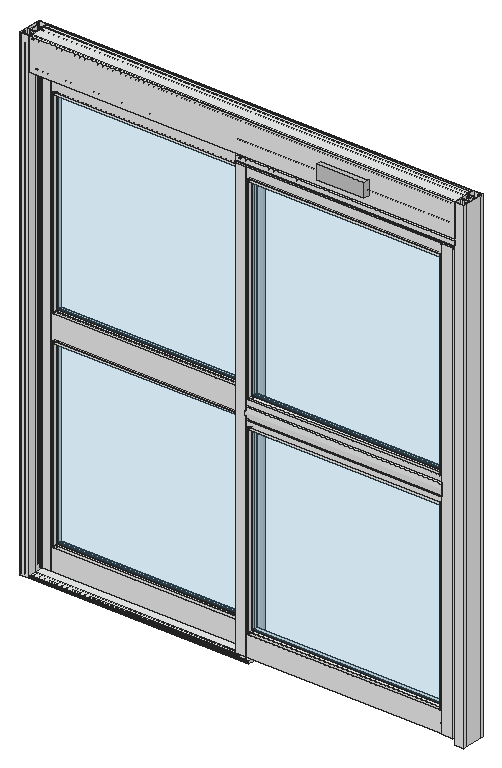
Revit family "2-6-3_Sliding-Door_TX9300SL_Single-RH-Inside-Slide-SX-SO-w-Elec-Lock-Flush-Mnt-Exit-Panic-HDW_Tormax", category Doors, host Wall, Revit 2026 (continued)
Definition of nested family "Door-Sliding-Tormax-Panel-Exit_Panic-SX_2.6"
  Forms (in)
    Sweep 4, solid, material <- "Frame Material"
      profile origin (0, 0, 22.125) x (-1, 0, 0) y (0, -1, 0)
        loop
          line (-18.59375, -0.87481) -> (-18.09395, -0.87481) -> (-18.09395, -0.20955) -> (-18.05909, -0.20955) -> (-17.99796, -0.09459) -> (-18.01995, -0.07259) -> (-18.09186, -0.12483) -> (-18.30168, -0.12483) -> (-18.30168, -0.20955) -> (-18.4693, -0.20955) -> (-18.4693, -0.13997) -> (-18.55595, -0.13997) -> (-18.55595, 0.13997) -> (-18.4693, 0.13997) -> (-18.4693, 0.20955) -> (-18.30168, 0.20955) -> (-18.30168, 0.12483) -> (-18.09186, 0.12483) -> (-18.01995, 0.07259) -> (-17.99796, 0.09459) -> (-18.05909, 0.20955) -> (-18.09395, 0.20955) -> (-18.09395, 0.87481) -> (-18.59375, 0.87481) -> (-18.59375, 0.66561) -> (-18.69347, 0.66561) -> (-18.69347, 0.76483) -> (-18.74347, 0.76483) -> (-18.74347, 0.6157) -> (-18.63748, 0.6157) -> (-18.51344, 0.49166) -> (-18.51344, 0.32983)
          arc (-18.51344, 0.32983) -> (-18.57886, 0.30274) -> (-18.60595, 0.23732) r 0.09251
          line (-18.60595, 0.23732) -> (-18.60595, 0.1901) -> (-18.74975, 0.1901) -> (-18.74975, 0.13997) -> (-18.60595, 0.13997) -> (-18.60595, -0.13997) -> (-18.74975, -0.13997) -> (-18.74975, -0.1901) -> (-18.61896, -0.1901) -> (-18.61896, -0.25955) -> (-18.40109, -0.25955) -> (-18.40109, -0.4032) -> (-18.14361, -0.4032) -> (-18.14361, -0.8251) -> (-18.54358, -0.8251) -> (-18.54358, -0.65698) -> (-18.65806, -0.65698) -> (-18.65806, -0.70698) -> (-18.59375, -0.70698) -> (-18.59375, -0.87481)
        loop
          line (-18.49369, 0.8251) -> (-18.49369, 0.74143) -> (-18.55985, 0.74143) -> (-18.55985, 0.67847) -> (-18.46344, 0.58206) -> (-18.46344, 0.25099) -> (-18.40109, 0.25099) -> (-18.40109, 0.4032) -> (-18.14361, 0.4032) -> (-18.14361, 0.8251) -> (-18.49369, 0.8251)
        loop
          line (18.59375, -0.87481) -> (18.59375, -0.70698) -> (18.65806, -0.70698) -> (18.65806, -0.65698) -> (18.54358, -0.65698) -> (18.54358, -0.8251) -> (18.14361, -0.8251) -> (18.14361, -0.4032) -> (18.40109, -0.4032) -> (18.40109, -0.25955) -> (18.61896, -0.25955) -> (18.61896, -0.1901) -> (18.74975, -0.1901) -> (18.74975, -0.13997) -> (18.60595, -0.13997) -> (18.60595, 0.13997) -> (18.74975, 0.13997) -> (18.74975, 0.1901) -> (18.60595, 0.1901) -> (18.60595, 0.23732)
          arc (18.60595, 0.23732) -> (18.57886, 0.30274) -> (18.51344, 0.32983) r 0.09251
          line (18.51344, 0.32983) -> (18.51344, 0.49166) -> (18.63748, 0.6157) -> (18.74347, 0.6157) -> (18.74347, 0.76483) -> (18.69347, 0.76483) -> (18.69347, 0.66561) -> (18.59375, 0.66561) -> (18.59375, 0.87481) -> (18.09395, 0.87481) -> (18.09395, 0.20955) -> (18.05909, 0.20955) -> (17.99796, 0.09459) -> (18.01995, 0.07259) -> (18.09186, 0.12483) -> (18.30168, 0.12483) -> (18.30168, 0.20955) -> (18.4693, 0.20955) -> (18.4693, 0.13997) -> (18.55595, 0.13997) -> (18.55595, -0.13997) -> (18.4693, -0.13997) -> (18.4693, -0.20955) -> (18.30168, -0.20955) -> (18.30168, -0.12483) -> (18.09186, -0.12483) -> (18.01995, -0.07259) -> (17.99796, -0.09459) -> (18.05909, -0.20955) -> (18.09395, -0.20955) -> (18.09395, -0.87481) -> (18.59375, -0.87481)
        loop
          line (18.49369, 0.8251) -> (18.14361, 0.8251) -> (18.14361, 0.4032) -> (18.40109, 0.4032) -> (18.40109, 0.25099) -> (18.46344, 0.25099) -> (18.46344, 0.58206) -> (18.55985, 0.67847) -> (18.55985, 0.74143) -> (18.49369, 0.74143) -> (18.49369, 0.8251)
    Extrusion 5, solid, material <- "Glass"
      sketch origin (0, 0, 0) x (1, 0, 0) y (0, 1, 0)
        loop
          line (-18.30168, 0.12483) -> (-18.30168, -0.12517) -> (18.30168, -0.12517) -> (18.30168, 0.12483) -> (-18.30168, 0.12483)
      from 4.60457 to 39.45793
    Sweep 6, solid, material <- "Frame Material"
      path origin (0, 0, 0) x (1, 0, 0) y (0, 0, 1)
        loop
          line (-18.09395, 42.75) -> (18.09395, 42.75)
      profile origin (0, 0, 42.75) x (0, 0, 1) y (0, -1, 0)
        loop
          line (-38.25, -0.87481) -> (-37.7502, -0.87481) -> (-37.7502, -0.20955) -> (-37.71534, -0.20955) -> (-37.65421, -0.09459) -> (-37.6762, -0.07259) -> (-37.74811, -0.12483) -> (-37.95793, -0.12483) -> (-37.95793, -0.20955) -> (-38.12555, -0.20955) -> (-38.12555, -0.13997) -> (-38.2122, -0.13997) -> (-38.2122, 0.13997) -> (-38.12555, 0.13997) -> (-38.12555, 0.20955) -> (-37.95793, 0.20955) -> (-37.95793, 0.12483) -> (-37.74811, 0.12483) -> (-37.6762, 0.07259) -> (-37.65421, 0.09459) -> (-37.71534, 0.20955) -> (-37.7502, 0.20955) -> (-37.7502, 0.87481) -> (-38.25, 0.87481) -> (-38.25, 0.66561) -> (-38.34972, 0.66561) -> (-38.34972, 0.76483) -> (-38.39972, 0.76483) -> (-38.39972, 0.6157) -> (-38.29373, 0.6157) -> (-38.16969, 0.49166) -> (-38.16969, 0.32983)
          arc (-38.16969, 0.32983) -> (-38.23511, 0.30274) -> (-38.2622, 0.23732) r 0.09251
          line (-38.2622, 0.23732) -> (-38.2622, 0.1901) -> (-38.406, 0.1901) -> (-38.406, 0.13997) -> (-38.2622, 0.13997) -> (-38.2622, -0.13997) -> (-38.406, -0.13997) -> (-38.406, -0.1901) -> (-38.27521, -0.1901) -> (-38.27521, -0.25955) -> (-38.05734, -0.25955) -> (-38.05734, -0.4032) -> (-37.79986, -0.4032) -> (-37.79986, -0.8251) -> (-38.19983, -0.8251) -> (-38.19983, -0.65698) -> (-38.31431, -0.65698) -> (-38.31431, -0.70698) -> (-38.25, -0.70698) -> (-38.25, -0.87481)
        loop
          line (-38.14994, 0.8251) -> (-38.14994, 0.74143) -> (-38.2161, 0.74143) -> (-38.2161, 0.67847) -> (-38.11969, 0.58206) -> (-38.11969, 0.25099) -> (-38.05734, 0.25099) -> (-38.05734, 0.4032) -> (-37.79986, 0.4032) -> (-37.79986, 0.8251) -> (-38.14994, 0.8251)
        loop
          line (-3, -0.87481) -> (-3, -0.70698) -> (-2.93569, -0.70698) -> (-2.93569, -0.65698) -> (-3.05017, -0.65698) -> (-3.05017, -0.8251) -> (-3.45014, -0.8251) -> (-3.45014, -0.4032) -> (-3.19266, -0.4032) -> (-3.19266, -0.25955) -> (-2.97479, -0.25955) -> (-2.97479, -0.1901) -> (-2.844, -0.1901) -> (-2.844, -0.13997) -> (-2.9878, -0.13997) -> (-2.9878, 0.13997) -> (-2.844, 0.13997) -> (-2.844, 0.1901) -> (-2.9878, 0.1901) -> (-2.9878, 0.23732)
          arc (-2.9878, 0.23732) -> (-3.01489, 0.30274) -> (-3.08031, 0.32983) r 0.09251
          line (-3.08031, 0.32983) -> (-3.08031, 0.49166) -> (-2.95627, 0.6157) -> (-2.85028, 0.6157) -> (-2.85028, 0.76483) -> (-2.90028, 0.76483) -> (-2.90028, 0.66561) -> (-3, 0.66561) -> (-3, 0.87481) -> (-3.4998, 0.87481) -> (-3.4998, 0.20955) -> (-3.53466, 0.20955) -> (-3.59579, 0.09459) -> (-3.5738, 0.07259) -> (-3.50189, 0.12483) -> (-3.29207, 0.12483) -> (-3.29207, 0.20955) -> (-3.12445, 0.20955) -> (-3.12445, 0.13997) -> (-3.0378, 0.13997) -> (-3.0378, -0.13997) -> (-3.12445, -0.13997) -> (-3.12445, -0.20955) -> (-3.29207, -0.20955) -> (-3.29207, -0.12483) -> (-3.50189, -0.12483) -> (-3.5738, -0.07259) -> (-3.59579, -0.09459) -> (-3.53466, -0.20955) -> (-3.4998, -0.20955) -> (-3.4998, -0.87481) -> (-3, -0.87481)
        loop
          line (-3.10006, 0.8251) -> (-3.45014, 0.8251) -> (-3.45014, 0.4032) -> (-3.19266, 0.4032) -> (-3.19266, 0.25099) -> (-3.13031, 0.25099) -> (-3.13031, 0.58206) -> (-3.0339, 0.67847) -> (-3.0339, 0.74143) -> (-3.10006, 0.74143) -> (-3.10006, 0.8251)
        loop
          line (1.5, -0.87481) -> (1.9998, -0.87481) -> (1.9998, -0.20955) -> (2.03466, -0.20955) -> (2.09579, -0.09459) -> (2.0738, -0.07259) -> (2.00189, -0.12483) -> (1.79207, -0.12483) -> (1.79207, -0.20955) -> (1.62445, -0.20955) -> (1.62445, -0.13997) -> (1.5378, -0.13997) -> (1.5378, 0.13997) -> (1.62445, 0.13997) -> (1.62445, 0.20955) -> (1.79207, 0.20955) -> (1.79207, 0.12483) -> (2.00189, 0.12483) -> (2.0738, 0.07259) -> (2.09579, 0.09459) -> (2.03466, 0.20955) -> (1.9998, 0.20955) -> (1.9998, 0.87481) -> (1.5, 0.87481) -> (1.5, 0.66561) -> (1.40028, 0.66561) -> (1.40028, 0.76483) -> (1.35028, 0.76483) -> (1.35028, 0.6157) -> (1.45627, 0.6157) -> (1.58031, 0.49166) -> (1.58031, 0.32983)
          arc (1.58031, 0.32983) -> (1.51489, 0.30274) -> (1.4878, 0.23732) r 0.09251
          line (1.4878, 0.23732) -> (1.4878, 0.1901) -> (1.344, 0.1901) -> (1.344, 0.13997) -> (1.4878, 0.13997) -> (1.4878, -0.13997) -> (1.344, -0.13997) -> (1.344, -0.1901) -> (1.47479, -0.1901) -> (1.47479, -0.25955) -> (1.69266, -0.25955) -> (1.69266, -0.4032) -> (1.95014, -0.4032) -> (1.95014, -0.8251) -> (1.55017, -0.8251) -> (1.55017, -0.65698) -> (1.43569, -0.65698) -> (1.43569, -0.70698) -> (1.5, -0.70698) -> (1.5, -0.87481)
        loop
          line (1.60006, 0.8251) -> (1.60006, 0.74143) -> (1.5339, 0.74143) -> (1.5339, 0.67847) -> (1.63031, 0.58206) -> (1.63031, 0.25099) -> (1.69266, 0.25099) -> (1.69266, 0.4032) -> (1.95014, 0.4032) -> (1.95014, 0.8251) -> (1.60006, 0.8251)
        loop
          line (39.12499, -0.87481) -> (39.12499, -0.70698) -> (39.18929, -0.70698) -> (39.18929, -0.65698) -> (39.07481, -0.65698) -> (39.07481, -0.8251) -> (38.67485, -0.8251) -> (38.67485, -0.4032) -> (38.93233, -0.4032) -> (38.93233, -0.25955) -> (39.1502, -0.25955) -> (39.1502, -0.1901) -> (39.28099, -0.1901) -> (39.28099, -0.13997) -> (39.13719, -0.13997) -> (39.13719, 0.13997) -> (39.28099, 0.13997) -> (39.28099, 0.1901) -> (39.13719, 0.1901) -> (39.13719, 0.23732)
          arc (39.13719, 0.23732) -> (39.11009, 0.30274) -> (39.04468, 0.32983) r 0.09251
          line (39.04468, 0.32983) -> (39.04468, 0.49166) -> (39.16871, 0.6157) -> (39.2747, 0.6157) -> (39.2747, 0.76483) -> (39.2247, 0.76483) -> (39.2247, 0.66561) -> (39.12499, 0.66561) -> (39.12499, 0.87481) -> (38.62519, 0.87481) -> (38.62519, 0.20955) -> (38.59032, 0.20955) -> (38.5292, 0.09459) -> (38.55119, 0.07259) -> (38.6231, 0.12483) -> (38.83291, 0.12483) -> (38.83291, 0.20955) -> (39.00054, 0.20955) -> (39.00054, 0.13997) -> (39.08719, 0.13997) -> (39.08719, -0.13997) -> (39.00054, -0.13997) -> (39.00054, -0.20955) -> (38.83291, -0.20955) -> (38.83291, -0.12483) -> (38.6231, -0.12483) -> (38.55119, -0.07259) -> (38.5292, -0.09459) -> (38.59032, -0.20955) -> (38.62519, -0.20955) -> (38.62519, -0.87481) -> (39.12499, -0.87481)
        loop
          line (39.02493, 0.8251) -> (38.67485, 0.8251) -> (38.67485, 0.4032) -> (38.93233, 0.4032) -> (38.93233, 0.25099) -> (38.99468, 0.25099) -> (38.99468, 0.58206) -> (39.09109, 0.67847) -> (39.09109, 0.74143) -> (39.02493, 0.74143) -> (39.02493, 0.8251)
    Sweep 7, solid, material <- "Frame Material"
      path origin (0, 0, 0) x (1, 0, 0) y (0, 0, 1)
        loop
          line (0, 44.25) -> (0, 81.87499)
      profile origin (0, 0, 63.06249) x (-1, 0, 0) y (0, -1, 0)
        loop
          line (-18.59375, -0.87481) -> (-18.09395, -0.87481) -> (-18.09395, -0.20955) -> (-18.05909, -0.20955) -> (-17.99796, -0.09459) -> (-18.01995, -0.07259) -> (-18.09186, -0.12483) -> (-18.30168, -0.12483) -> (-18.30168, -0.20955) -> (-18.4693, -0.20955) -> (-18.4693, -0.13997) -> (-18.55595, -0.13997) -> (-18.55595, 0.13997) -> (-18.4693, 0.13997) -> (-18.4693, 0.20955) -> (-18.30168, 0.20955) -> (-18.30168, 0.12483) -> (-18.09186, 0.12483) -> (-18.01995, 0.07259) -> (-17.99796, 0.09459) -> (-18.05909, 0.20955) -> (-18.09395, 0.20955) -> (-18.09395, 0.87481) -> (-18.59375, 0.87481) -> (-18.59375, 0.66561) -> (-18.69347, 0.66561) -> (-18.69347, 0.76483) -> (-18.74347, 0.76483) -> (-18.74347, 0.6157) -> (-18.63748, 0.6157) -> (-18.51344, 0.49166) -> (-18.51344, 0.32983)
          arc (-18.51344, 0.32983) -> (-18.57886, 0.30274) -> (-18.60595, 0.23732) r 0.09251
          line (-18.60595, 0.23732) -> (-18.60595, 0.1901) -> (-18.74975, 0.1901) -> (-18.74975, 0.13997) -> (-18.60595, 0.13997) -> (-18.60595, -0.13997) -> (-18.74975, -0.13997) -> (-18.74975, -0.1901) -> (-18.61896, -0.1901) -> (-18.61896, -0.25955) -> (-18.40109, -0.25955) -> (-18.40109, -0.4032) -> (-18.14361, -0.4032) -> (-18.14361, -0.8251) -> (-18.54358, -0.8251) -> (-18.54358, -0.65698) -> (-18.65806, -0.65698) -> (-18.65806, -0.70698) -> (-18.59375, -0.70698) -> (-18.59375, -0.87481)
        loop
          line (-18.49369, 0.8251) -> (-18.49369, 0.74143) -> (-18.55985, 0.74143) -> (-18.55985, 0.67847) -> (-18.46344, 0.58206) -> (-18.46344, 0.25099) -> (-18.40109, 0.25099) -> (-18.40109, 0.4032) -> (-18.14361, 0.4032) -> (-18.14361, 0.8251) -> (-18.49369, 0.8251)
        loop
          line (18.59375, -0.87481) -> (18.59375, -0.70698) -> (18.65806, -0.70698) -> (18.65806, -0.65698) -> (18.54358, -0.65698) -> (18.54358, -0.8251) -> (18.14361, -0.8251) -> (18.14361, -0.4032) -> (18.40109, -0.4032) -> (18.40109, -0.25955) -> (18.61896, -0.25955) -> (18.61896, -0.1901) -> (18.74975, -0.1901) -> (18.74975, -0.13997) -> (18.60595, -0.13997) -> (18.60595, 0.13997) -> (18.74975, 0.13997) -> (18.74975, 0.1901) -> (18.60595, 0.1901) -> (18.60595, 0.23732)
          arc (18.60595, 0.23732) -> (18.57886, 0.30274) -> (18.51344, 0.32983) r 0.09251
          line (18.51344, 0.32983) -> (18.51344, 0.49166) -> (18.63748, 0.6157) -> (18.74347, 0.6157) -> (18.74347, 0.76483) -> (18.69347, 0.76483) -> (18.69347, 0.66561) -> (18.59375, 0.66561) -> (18.59375, 0.87481) -> (18.09395, 0.87481) -> (18.09395, 0.20955) -> (18.05909, 0.20955) -> (17.99796, 0.09459) -> (18.01995, 0.07259) -> (18.09186, 0.12483) -> (18.30168, 0.12483) -> (18.30168, 0.20955) -> (18.4693, 0.20955) -> (18.4693, 0.13997) -> (18.55595, 0.13997) -> (18.55595, -0.13997) -> (18.4693, -0.13997) -> (18.4693, -0.20955) -> (18.30168, -0.20955) -> (18.30168, -0.12483) -> (18.09186, -0.12483) -> (18.01995, -0.07259) -> (17.99796, -0.09459) -> (18.05909, -0.20955) -> (18.09395, -0.20955) -> (18.09395, -0.87481) -> (18.59375, -0.87481)
        loop
          line (18.49369, 0.8251) -> (18.14361, 0.8251) -> (18.14361, 0.4032) -> (18.40109, 0.4032) -> (18.40109, 0.25099) -> (18.46344, 0.25099) -> (18.46344, 0.58206) -> (18.55985, 0.67847) -> (18.55985, 0.74143) -> (18.49369, 0.74143) -> (18.49369, 0.8251)
    Extrusion 8, solid, material <- "Glass"
      sketch origin (0, 0, 0) x (1, 0, 0) y (0, 1, 0)
        loop
          line (-18.30168, 0.12483) -> (-18.30168, -0.12517) -> (18.30168, -0.12517) -> (18.30168, 0.12483) -> (-18.30168, 0.12483)
      from 44.54207 to 81.58291
    Sweep 9, solid, material <- "Frame Material"
      path origin (0, 0, 0) x (1, 0, 0) y (0, 0, 1)
        loop
          line (-20.71875, 85) -> (20.71875, 85)
      profile origin (0, 0, 85) x (0, 0, 1) y (0, -1, 0)
        loop
          line (-1.08693, 0.859) -> (-1.37501, 0.859) -> (-1.37501, -0.859) -> (-0.74993, -0.859) -> (-0.74993, 0.08652)
          arc (-0.74993, 0.08652) -> (-0.76143, 0.13208) -> (-0.77716, 0.17636) r 0.5
          arc (-0.77716, 0.17636) -> (-0.80493, 0.195) -> (-0.83269, 0.17636) r 0.03
          arc (-0.83269, 0.17636) -> (-0.86053, 0.08351) -> (-0.86993, -0.01297) r 0.5
          line (-0.86993, -0.01297) -> (-0.86993, -0.25306)
          arc (-0.86993, -0.25306) -> (-0.94496, -0.328) -> (-1.01993, -0.253) r 0.075
          line (-1.01993, -0.253) -> (-1.01993, 0.28267)
          arc (-1.01993, 0.28267) -> (-1.03846, 0.41755) -> (-1.0927, 0.54243) r 0.5
          line (-1.0927, 0.54243) -> (-1.21193, 0.49529) -> (-1.21193, 0.68471) -> (-1.08693, 0.63529) -> (-1.08693, 0.859)
    Extrusion 10, solid
      sketch origin (0, 0, 0) x (1, 0, 0) y (0, 1, 0)
        loop
          circle (-19.67175, 0) r 0.69
      from 0 to 0.5
  Lines and regions (in)
    symbolic lines
      curve 1: line (-19.67175, 0.91, 0) -> (-19.67175, 41.3005, 0)
      curve 2: arc (-19.67175, 41.3005, 0) -> (8.88865, 29.4704, 0) -> (20.71875, 0.91, 0) r 40.3905
      curve 3: line (-20.71875, 0, 42) -> (20.71875, 0, 83.62499)
      curve 4: line (-20.71875, 0, 42) -> (20.71875, 0, 0.5)
  Dimensions and locks (in)
    "Height": plane 4 to level
    equal spacing: plane 9, plane 3 "Center (Left/Right)", plane 10
    "Width": plane 9 to plane 10
    "Thickness": plane 8 "exterior" to plane 7
    equal spacing: plane 8 "exterior", plane 1 "Center (Front/Back)", plane 7
    locked: plane 9 to plane 11 at 2.125
    locked: plane 12 to plane 10 at 2.125
    plane 9 to Sweep 1 sketch curve to Sweep 1 sketch curve = 0' - 2 1/8" locked, 0' - 0" locked
    plane 14 to plane 15 = 0' - 4"
    locked: Sweep 4 sketch curve to plane 12 at 0.4998  (x2)
    plane 11 to Sweep 4 sketch curve to Sweep 4 sketch curve = 0' - 0.4998" locked, 0' - 0" locked
    plane 6 to plane 1 "Center (Front/Back)" to plane 5 = 0' - 0.12517" locked, 0' - 0.12483" locked
    locked: Extrusion 5 sketch curve to plane 12 at 0.29207
    locked: plane 11 to Extrusion 5 sketch curve at 0.29207
    locked: Sweep 6 sketch curve to plane 12 at 0.4998
    locked: Sweep 6 sketch curve to plane 11 at 0.4998
    locked: plane 2 to Extrusion 5 at 4.60457
    locked: Extrusion 8 to plane 13 at 0.29207
    locked: plane 11 to Sweep 7 sketch curve at 0.4998  (x2)
    Sweep 7 sketch curve to Sweep 7 sketch curve to plane 12 = 0' - 0" locked, 0' - 0.4998" locked
    plane 13 to plane 4 = 0' - 3 1/8"
    plane 13 to Sweep 2 sketch curve to Sweep 2 sketch curve = 0' - 1.444" locked, 0' - 0.15" locked
    plane 12 to plane 10 = 0' - 2 1/8"
    locked: plane 15 to plane 2 at 0.5
    locked: Sweep 6 sketch curve to plane 13 at 0.4998
    locked: Sweep 6 sketch curve to plane 14 at 0.4998  (x2)
    locked: plane 17 to plane 16 at 2.25
    locked: plane 16 to plane 18 at 2.25
    plane 18 to Extrusion 5 = 0' - 0.29207"
    locked: plane 16 to plane 2 at 42
    locked: Extrusion 8 to plane 17 at 0.29207
    locked: plane 9 to plane 19 at 1.047
    locked: plane 13 to plane 20 at 1.75
    locked: plane 20 to Sweep 9 sketch curve at 0.62508
    "Door Swing": radius of curve 2
    aligned and locked: plane 2 to level
    aligned and locked: Sweep 1 sketch curve to plane 9
    aligned and locked: Sweep 1 sketch curve to plane 8 "exterior"
    aligned and locked: Sweep 1 sketch curve to plane 7
    aligned and locked: plane 11 to Sweep 2 sketch curve
    aligned and locked: plane 12 to Sweep 2 sketch curve
    aligned and locked: Sweep 2 sketch curve to plane 2
    aligned and locked: plane 10 to Sweep 3 sketch curve
    aligned and locked: plane 12 to Sweep 3 sketch curve
    aligned and locked: plane 3 "Center (Left/Right)" to Sweep 4 sketch curve
    aligned and locked: plane 14 to Sweep 4 sketch curve
    aligned and locked: Sweep 4 sketch curve to plane 12
    aligned and locked: plane 12 to Sweep 4 sketch curve
    aligned and locked: plane 11 to Sweep 4 sketch curve
    aligned and locked: Sweep 4 sketch curve to plane 11
    aligned and locked: plane 5 to Extrusion 5 sketch curve
    aligned and locked: plane 6 to Extrusion 5 sketch curve
    aligned and locked: plane 13 to Sweep 7 sketch curve
    aligned and locked: plane 11 to Sweep 7 sketch curve
    aligned and locked: Sweep 7 sketch curve to plane 11
    aligned and locked: Sweep 7 sketch curve to plane 12
    aligned and locked: plane 12 to Sweep 7 sketch curve
    aligned and locked: plane 9 to Sweep 9 sketch curve
    aligned and locked: plane 10 to Sweep 9 sketch curve
    aligned and locked: Sweep 9 sketch curve to plane 4
    aligned and locked: Sweep 2 sketch curve to plane 13  (x2)
    aligned and locked: plane 8 "exterior" to curve 2  (x2)
    aligned and locked: plane 9 to curve 3
    aligned and locked: plane 14 to Sweep 2 sketch curve  (x2)
    aligned and locked: Sweep 2 sketch curve to plane 15  (x2)
    aligned and locked: plane 16 to curve 3
    aligned and locked: plane 18 to Sweep 4 sketch curve
    aligned and locked: plane 17 to Sweep 7 sketch curve
    aligned and locked: plane 15 to Sweep 1 sketch curve
    aligned and locked: plane 15 to Sweep 3 sketch curve
    aligned and locked: plane 15 to curve 4
    aligned and locked: plane 10 to curve 4
    aligned and locked: plane 1 "Center (Front/Back)" to Extrusion 10 sketch curve
    aligned and locked: Sweep 1 to Extrusion 10
    aligned and locked: plane 19 to curve 2
    aligned and locked: curve 1 to plane 19
    aligned and locked: plane 20 to Sweep 1 sketch curve
    aligned and locked: plane 20 to Sweep 3 sketch curve
    aligned and locked: plane 10 to curve 3
    aligned and locked: plane 20 to curve 3
    aligned and locked: Sweep 9 sketch curve to plane 20
  Automatic sketch dimensions
    Sweep 4 sketch curve to Sweep 4 sketch curve = 0' - 0.0122"
    Sweep 4 sketch curve to plane 1 "Center (Front/Back)" = 0' - 0.13997"
    Sweep 4 sketch curve to Sweep 4 sketch curve = 0' - 0"  (x5)
    Sweep 4 sketch curve to Sweep 4 sketch curve = 0' - 0.01301"  (x2)
    plane 1 "Center (Front/Back)" to Sweep 4 sketch curve = 0' - 0.6157"
    Sweep 4 sketch curve to Sweep 4 sketch curve = 0' - 0.04373"  (x2)
    Sweep 4 sketch curve to Sweep 4 sketch curve = 0' - 0.06431"  (x2)
    Sweep 4 sketch curve to Sweep 4 sketch curve = 0' - 0.05599"
    Sweep 4 sketch curve to Sweep 4 sketch curve = 0' - 0.05"  (x8)
    Sweep 4 sketch curve to Sweep 4 sketch curve = 0' - 0.13079"  (x2)
    Sweep 4 sketch curve to Sweep 4 sketch curve = 0' - 0.1438"  (x2)
    Sweep 4 sketch curve to Sweep 4 sketch curve = 0' - 0.0339"  (x2)
    Sweep 4 sketch curve to Sweep 4 sketch curve = 0' - 0.05017"  (x2)
    plane 1 "Center (Front/Back)" to Sweep 4 sketch curve = 0' - 0.49166"
    Sweep 4 sketch curve to Sweep 4 sketch curve = 0' - 0.12404"  (x2)
    Sweep 4 sketch curve to Sweep 4 sketch curve = 0' - 0.06616"  (x2)
    Sweep 4 sketch curve to Sweep 4 sketch curve = 0' - 0.08665"  (x3)
    Sweep 4 sketch curve to Sweep 4 sketch curve = 0' - 0.00586"  (x2)
    Sweep 4 sketch curve to Sweep 4 sketch curve = 0' - 0.0682"  (x2)
    Sweep 4 sketch curve to Sweep 4 sketch curve = 0' - 0.11234"
    Sweep 4 sketch curve to Sweep 4 sketch curve = 0' - 0.09942"  (x4)
    Sweep 4 sketch curve to Sweep 4 sketch curve = 0' - 0.04966"  (x4)
    Sweep 4 sketch curve to plane 1 "Center (Front/Back)" = 0' - 0.12483"
    Sweep 4 sketch curve to Sweep 4 sketch curve = 0' - 0.00209"  (x2)
    Sweep 4 sketch curve to Sweep 4 sketch curve = 0' - 0.03487"  (x4)
    plane 1 "Center (Front/Back)" to Sweep 4 sketch curve = 0' - 0.20955"  (x2)
    plane 1 "Center (Front/Back)" to Sweep 4 sketch curve = 0' - 0.07259"  (x2)
    Sweep 4 sketch curve to Sweep 4 sketch curve = 0' - 0.0719"  (x4)
    Sweep 4 sketch curve to plane 1 "Center (Front/Back)" = 0' - 0.07259"  (x2)
    Sweep 4 sketch curve to plane 1 "Center (Front/Back)" = 0' - 0.09459"  (x2)
    Sweep 4 sketch curve to Sweep 4 sketch curve = 0' - 0.02199"  (x4)
    plane 1 "Center (Front/Back)" to Sweep 4 sketch curve = 0' - 0.09459"  (x2)
    Sweep 4 sketch curve to Sweep 4 sketch curve = 0' - 0.06113"
    Sweep 4 sketch curve to plane 1 "Center (Front/Back)" = 0' - 0.20955"
    plane 1 "Center (Front/Back)" to Sweep 4 sketch curve = 0' - 0.12483"
    Sweep 4 sketch curve to Sweep 4 sketch curve = 0' - 0.06234"
    Sweep 4 sketch curve to Sweep 4 sketch curve = 0' - 0.03026"
    Sweep 4 sketch curve to Sweep 4 sketch curve = 0' - 0.14248"
    Sweep 4 sketch curve to Sweep 4 sketch curve = 0' - 0.09251"
    Sweep 4 sketch curve to Sweep 4 sketch curve = 0' - 0.13361"
    Sweep 4 sketch curve to plane 1 "Center (Front/Back)" = 0' - 0.25955"
    Sweep 4 sketch curve to Sweep 4 sketch curve = 0' - 0.11958"
    Sweep 4 sketch curve to Sweep 4 sketch curve = 0' - 0.14365"
    Sweep 4 sketch curve to Sweep 4 sketch curve = 0' - 0.19365"  (x3)
    Sweep 4 sketch curve to Sweep 4 sketch curve = 0' - 0.25378"  (x2)
    Sweep 4 sketch curve to Sweep 4 sketch curve = 0' - 0.4219"  (x2)
    Sweep 4 sketch curve to Sweep 4 sketch curve = 0' - 0.04971"  (x4)
    Sweep 4 sketch curve to Sweep 4 sketch curve = 0' - 0.08472"  (x5)
    Sweep 4 sketch curve to Sweep 4 sketch curve = 0' - 0.05012"  (x4)
    Sweep 4 sketch curve to Sweep 4 sketch curve = 0' - 0.06945"
    Sweep 4 sketch curve to Sweep 4 sketch curve = 0' - 0.06958"  (x2)
    plane 1 "Center (Front/Back)" to Sweep 4 sketch curve = 0' - 0.13997"  (x2)
    Sweep 4 sketch curve to Sweep 4 sketch curve = 0' - 0.04722"
    Sweep 4 sketch curve to Sweep 4 sketch curve = 0' - 0.02777"
    Sweep 4 sketch curve to Sweep 4 sketch curve = 0' - 0.04144"  (x2)
    Sweep 4 sketch curve to Sweep 4 sketch curve = 0' - 0.08847"
    Sweep 4 sketch curve to Sweep 4 sketch curve = 0' - 0.0904"  (x2)
    Sweep 4 sketch curve to Sweep 4 sketch curve = 0' - 0.04991"  (x2)
    Sweep 4 sketch curve to Sweep 4 sketch curve = 0' - 0.01286"  (x2)
    Sweep 4 sketch curve to Sweep 4 sketch curve = 0' - 0.06296"  (x2)
    Sweep 4 sketch curve to Sweep 4 sketch curve = 0' - 0.09922"  (x2)
    Sweep 4 sketch curve to Sweep 4 sketch curve = 0' - 0.08367"  (x2)
    Sweep 7 sketch curve to plane 3 "Center (Left/Right)" = 0' - 0"
    plane 1 "Center (Front/Back)" to Sweep 7 sketch curve = 0' - 0.1901"
    Sweep 7 sketch curve to Sweep 7 sketch curve = 0' - 0"  (x6)
    Sweep 7 sketch curve to Sweep 7 sketch curve = 0' - 0.00628"
    Sweep 7 sketch curve to Sweep 7 sketch curve = 0' - 0.05"  (x8)
    Sweep 7 sketch curve to Sweep 7 sketch curve = 0' - 0.05599"
    Sweep 7 sketch curve to Sweep 7 sketch curve = 0' - 0.13079"  (x2)
    Sweep 7 sketch curve to Sweep 7 sketch curve = 0' - 0.1438"  (x2)
    Sweep 7 sketch curve to Sweep 7 sketch curve = 0' - 0.06431"  (x2)
    Sweep 7 sketch curve to Sweep 7 sketch curve = 0' - 0.04373"  (x2)
    Sweep 7 sketch curve to Sweep 7 sketch curve = 0' - 0.0339"  (x2)
    Sweep 7 sketch curve to Sweep 7 sketch curve = 0' - 0.05017"  (x2)
    plane 1 "Center (Front/Back)" to Sweep 7 sketch curve = 0' - 0.49166"
    Sweep 7 sketch curve to Sweep 7 sketch curve = 0' - 0.12404"  (x3)
    Sweep 7 sketch curve to Sweep 7 sketch curve = 0' - 0.06616"  (x2)
    Sweep 7 sketch curve to Sweep 7 sketch curve = 0' - 0.08665"  (x3)
    Sweep 7 sketch curve to Sweep 7 sketch curve = 0' - 0.00586"  (x2)
    Sweep 7 sketch curve to Sweep 7 sketch curve = 0' - 0.0682"  (x2)
    Sweep 7 sketch curve to Sweep 7 sketch curve = 0' - 0.11234"
    Sweep 7 sketch curve to Sweep 7 sketch curve = 0' - 0.09942"  (x4)
    Sweep 7 sketch curve to Sweep 7 sketch curve = 0' - 0.04966"  (x4)
    Sweep 7 sketch curve to plane 1 "Center (Front/Back)" = 0' - 0.12483"
    Sweep 7 sketch curve to Sweep 7 sketch curve = 0' - 0.00209"  (x2)
    Sweep 7 sketch curve to Sweep 7 sketch curve = 0' - 0.03487"  (x4)
    plane 1 "Center (Front/Back)" to Sweep 7 sketch curve = 0' - 0.20955"  (x2)
    plane 1 "Center (Front/Back)" to Sweep 7 sketch curve = 0' - 0.07259"  (x2)
    Sweep 7 sketch curve to Sweep 7 sketch curve = 0' - 0.0719"  (x4)
    Sweep 7 sketch curve to plane 1 "Center (Front/Back)" = 0' - 0.07259"  (x2)
    Sweep 7 sketch curve to plane 1 "Center (Front/Back)" = 0' - 0.09459"  (x2)
    Sweep 7 sketch curve to Sweep 7 sketch curve = 0' - 0.02199"  (x4)
    plane 1 "Center (Front/Back)" to Sweep 7 sketch curve = 0' - 0.09459"  (x2)
    Sweep 7 sketch curve to plane 1 "Center (Front/Back)" = 0' - 0.20955"
    Sweep 7 sketch curve to Sweep 7 sketch curve = 0' - 0.06113"
    plane 1 "Center (Front/Back)" to Sweep 7 sketch curve = 0' - 0.12483"
    Sweep 7 sketch curve to Sweep 7 sketch curve = 0' - 0.06234"
    Sweep 7 sketch curve to Sweep 7 sketch curve = 0' - 0.03026"
    Sweep 7 sketch curve to Sweep 7 sketch curve = 0' - 0.14248"
    Sweep 7 sketch curve to Sweep 7 sketch curve = 0' - 0.09251"
    Sweep 7 sketch curve to Sweep 7 sketch curve = 0' - 0.01301"
    Sweep 7 sketch curve to Sweep 7 sketch curve = 0' - 0.13361"
    Sweep 7 sketch curve to plane 1 "Center (Front/Back)" = 0' - 0.25955"  (x2)
    Sweep 7 sketch curve to Sweep 7 sketch curve = 0' - 0.14365"
    Sweep 7 sketch curve to Sweep 7 sketch curve = 0' - 0.19365"  (x3)
    Sweep 7 sketch curve to Sweep 7 sketch curve = 0' - 0.25378"  (x2)
    Sweep 7 sketch curve to Sweep 7 sketch curve = 0' - 0.4219"  (x2)
    Sweep 7 sketch curve to Sweep 7 sketch curve = 0' - 0.04971"  (x4)
    Sweep 7 sketch curve to Sweep 7 sketch curve = 0' - 0.08472"  (x5)
    Sweep 7 sketch curve to Sweep 7 sketch curve = 0' - 0.06945"  (x2)
    Sweep 7 sketch curve to Sweep 7 sketch curve = 0' - 0.05012"  (x4)
    Sweep 7 sketch curve to Sweep 7 sketch curve = 0' - 0.06958"  (x2)
    plane 1 "Center (Front/Back)" to Sweep 7 sketch curve = 0' - 0.13997"
    Sweep 7 sketch curve to Sweep 7 sketch curve = 0' - 0.04722"
    Sweep 7 sketch curve to Sweep 7 sketch curve = 0' - 0.02777"
    Sweep 7 sketch curve to Sweep 7 sketch curve = 0' - 0.04144"  (x2)
    Sweep 7 sketch curve to Sweep 7 sketch curve = 0' - 0.08847"
    Sweep 7 sketch curve to Sweep 7 sketch curve = 0' - 0.0904"  (x2)
    Sweep 7 sketch curve to Sweep 7 sketch curve = 0' - 0.04991"  (x2)
    Sweep 7 sketch curve to Sweep 7 sketch curve = 0' - 0.01286"  (x2)
    Sweep 7 sketch curve to Sweep 7 sketch curve = 0' - 0.06296"  (x2)
    Sweep 7 sketch curve to Sweep 7 sketch curve = 0' - 0.09922"  (x2)
    Sweep 7 sketch curve to Sweep 7 sketch curve = 0' - 0.08367"  (x2)
    Extrusion 8 sketch curve to plane 6 = 0' - 0"
    plane 5 to Extrusion 8 sketch curve = 0' - 0"
    plane 11 to Extrusion 8 sketch curve = 0' - 0.29207"
    plane 12 to Extrusion 8 sketch curve = 0' - 0.29207"
    plane 1 "Center (Front/Back)" to Sweep 9 sketch curve = 0' - 0.28267"
    Sweep 9 sketch curve to Sweep 9 sketch curve = 0' - 0.11923"
    plane 1 "Center (Front/Back)" to Sweep 9 sketch curve = 0' - 0.49529"
    Sweep 9 sketch curve to Sweep 9 sketch curve = 0' - 0 1/8"
    Sweep 9 sketch curve to Sweep 9 sketch curve = 0' - 0.00577"
    Sweep 9 sketch curve to Sweep 9 sketch curve = 0' - 0.25975"
    Sweep 9 sketch curve to Sweep 9 sketch curve = 0' - 0.09287"
    Sweep 9 sketch curve to Sweep 9 sketch curve = 0' - 0.04941"
    Sweep 9 sketch curve to Sweep 9 sketch curve = 0' - 0.22371"
    Sweep 9 sketch curve to plane 1 "Center (Front/Back)" = 0' - 0.253"
    Sweep 9 sketch curve to Sweep 9 sketch curve = 0' - 0.075"
    Sweep 9 sketch curve to Sweep 9 sketch curve = 0' - 0.00006"
    Sweep 9 sketch curve to plane 1 "Center (Front/Back)" = 0' - 0.01297"  (x3)
    Sweep 9 sketch curve to Sweep 9 sketch curve = 0' - 0"  (x2)
    Sweep 9 sketch curve to Sweep 9 sketch curve = 0' - 0.065"
    Sweep 9 sketch curve to Sweep 9 sketch curve = 0' - 0.17797"
    Sweep 9 sketch curve to Sweep 9 sketch curve = 0' - 0.02777"
    Sweep 9 sketch curve to Sweep 9 sketch curve = 0' - 0.12"
    Sweep 9 sketch curve to Sweep 9 sketch curve = 0' - 0.60594"
    plane 1 "Center (Front/Back)" to Sweep 9 sketch curve = 0' - 0.08652"
    Sweep 9 sketch curve to Sweep 9 sketch curve = 0' - 0.22"
    Sweep 3 sketch curve to Sweep 3 sketch curve = 0' - 0"  (x9)
    plane 1 "Center (Front/Back)" to Sweep 3 sketch curve = 0' - 0"
    Sweep 3 sketch curve to Sweep 3 sketch curve = 0' - 0.09725"
    Sweep 3 sketch curve to Sweep 3 sketch curve = 0' - 0.09783"  (x2)
    Sweep 3 sketch curve to Sweep 3 sketch curve = 0' - 0.05875"
    Sweep 3 sketch curve to Sweep 3 sketch curve = 0' - 0 1/8"
    Sweep 3 sketch curve to profile plane = 0' - 0.33606"
    Sweep 3 sketch curve to Sweep 3 sketch curve = 0' - 0.05805"
    Sweep 3 sketch curve to profile plane = 0' - 0.25342"
    Sweep 3 sketch curve to Sweep 3 sketch curve = 0' - 0.00312"
    Sweep 3 sketch curve to Sweep 3 sketch curve = 0' - 0.07719"  (x2)
    Sweep 3 sketch curve to Sweep 3 sketch curve = 0' - 0.06839"
    Sweep 3 sketch curve to Sweep 3 sketch curve = 0' - 0.01995"  (x2)
    Sweep 3 sketch curve to Sweep 3 sketch curve = 0' - 0.03503"  (x2)
    Sweep 3 sketch curve to Sweep 3 sketch curve = 0' - 0.05764"  (x2)
    Sweep 3 sketch curve to Sweep 3 sketch curve = 0' - 0.05533"
    Sweep 3 sketch curve to Sweep 3 sketch curve = 0' - 0.07528"  (x2)
    Sweep 3 sketch curve to Sweep 3 sketch curve = 0' - 0.07175"  (x2)
    Sweep 3 sketch curve to profile plane = 0' - 0.05562"  (x2)
    Sweep 3 sketch curve to plane 1 "Center (Front/Back)" = 0' - 0.18239"
    Sweep 3 sketch curve to Sweep 3 sketch curve = 0' - 0.19693"  (x2)
    Sweep 3 sketch curve to Sweep 3 sketch curve = 0' - 0.07617"  (x2)
    Sweep 3 sketch curve to Sweep 3 sketch curve = 0' - 0.01817"  (x2)
    Sweep 3 sketch curve to Sweep 3 sketch curve = 0' - 0.01512"
    Sweep 3 sketch curve to Sweep 3 sketch curve = 0' - 0.05648"
    Sweep 3 sketch curve to Sweep 3 sketch curve = 0' - 0.02003"  (x2)
    plane 1 "Center (Front/Back)" to Sweep 3 sketch curve = 0' - 0.18239"
    Sweep 3 sketch curve to Sweep 3 sketch curve = 0' - 0.05615"
    Sweep 3 sketch curve to Sweep 3 sketch curve = 0' - 0.07564"
    Sweep 3 sketch curve to Sweep 3 sketch curve = 0' - 0.14517"
    Sweep 3 sketch curve to Sweep 3 sketch curve = 0' - 0.05815"
    Sweep 3 sketch curve to Sweep 3 sketch curve = 0' - 0.10029"
    Sweep 3 sketch curve to profile plane = 0' - 0.10913"
    Sweep 3 sketch curve to profile plane = 0' - 0.10975"
    Sweep 3 sketch curve to Sweep 3 sketch curve = 0' - 0.07408"
    Sweep 1 sketch curve to Sweep 1 sketch curve = 0' - 0"  (x4)
    plane 1 "Center (Front/Back)" to Sweep 1 sketch curve = 0' - 0"
    Sweep 1 sketch curve to plane 1 "Center (Front/Back)" = 0' - 0.77559"
    Sweep 1 sketch curve to Sweep 1 sketch curve = 0' - 0.11639"  (x2)
    Sweep 1 sketch curve to Sweep 1 sketch curve = 0' - 0.03961"
    Sweep 1 sketch curve to Sweep 1 sketch curve = 0' - 0 1/8"
    profile plane to Sweep 1 sketch curve = 0' - 0 1/4"
    profile plane to Sweep 1 sketch curve = 0' - 0.22824"
    profile plane to Sweep 1 sketch curve = 0' - 0.14081"
    Sweep 1 sketch curve to Sweep 1 sketch curve = 0' - 0.11893"  (x2)
    Sweep 1 sketch curve to Sweep 1 sketch curve = 0' - 0.01059"
    Sweep 1 sketch curve to Sweep 1 sketch curve = 0' - 0.0672"  (x2)
    Sweep 1 sketch curve to Sweep 1 sketch curve = 0' - 0.20161"
    Sweep 1 sketch curve to Sweep 1 sketch curve = 0' - 0.05661"
    Sweep 1 sketch curve to Sweep 1 sketch curve = 0' - 0.02176"
    plane 1 "Center (Front/Back)" to Sweep 1 sketch curve = 0' - 0.18701"
    curve 1 to plane 8 "exterior" = 0' - 0"
    Sweep 2 sketch curve to Sweep 2 sketch curve = 0' - 0.198"
    Sweep 2 sketch curve to Sweep 2 sketch curve = 0' - 0.57201"
    Sweep 2 sketch curve to plane 1 "Center (Front/Back)" = 0' - 0 109/256"
    Sweep 2 sketch curve to Sweep 2 sketch curve = 0' - 0.03645"
    Sweep 2 sketch curve to plane 1 "Center (Front/Back)" = 0' - 0.74981"
    Sweep 2 sketch curve to Sweep 2 sketch curve = 0' - 0.32456"
    Sweep 2 sketch curve to Sweep 2 sketch curve = 0' - 0.75556"
    Sweep 2 sketch curve to Sweep 2 sketch curve = 0' - 0 1/8"  (x2)
    Sweep 2 sketch curve to Sweep 2 sketch curve = 0' - 0.25063"  (x4)
    Sweep 2 sketch curve to Sweep 2 sketch curve = 0' - 0.44876"  (x2)
    Sweep 2 sketch curve to Sweep 2 sketch curve = 0' - 0.13262"  (x2)
    Sweep 2 sketch curve to Sweep 2 sketch curve = 0' - 0.25159"  (x2)
    Sweep 2 sketch curve to Sweep 2 sketch curve = 0' - 0.45154"  (x2)
    Sweep 2 sketch curve to Sweep 2 sketch curve = 0' - 0.24666"
    Sweep 2 sketch curve to Sweep 2 sketch curve = 0' - 0.12615"  (x2)
    plane 1 "Center (Front/Back)" to Sweep 2 sketch curve = 0' - 0.77066"  (x2)
    Sweep 2 sketch curve to Sweep 2 sketch curve = 0' - 0.04797"  (x3)
    Sweep 2 sketch curve to plane 1 "Center (Front/Back)" = 0' - 0.77099"
    Sweep 2 sketch curve to Sweep 2 sketch curve = 0' - 0.1095"  (x2)
    Sweep 2 sketch curve to Sweep 2 sketch curve = 0' - 0.0465"  (x3)
    Sweep 2 sketch curve to Sweep 2 sketch curve = 0' - 0.10034"  (x2)
    Sweep 2 sketch curve to Sweep 2 sketch curve = 0' - 0.64383"  (x2)
    Sweep 2 sketch curve to Sweep 2 sketch curve = 0' - 0.1"  (x6)
    Sweep 2 sketch curve to Sweep 2 sketch curve = 0' - 0.03484"
    Sweep 2 sketch curve to Sweep 2 sketch curve = 0' - 0.2"
    Sweep 2 sketch curve to Sweep 2 sketch curve = 0' - 0.27023"  (x2)
    Sweep 2 sketch curve to Sweep 2 sketch curve = 0' - 0.87961"
    Sweep 2 sketch curve to Sweep 2 sketch curve = 0' - 1.37039"
    Sweep 2 sketch curve to Sweep 2 sketch curve = 0' - 0.13539"
    plane 1 "Center (Front/Back)" to Sweep 2 sketch curve = 0' - 0.16219"
    Sweep 2 sketch curve to Sweep 2 sketch curve = 0' - 0.33539"
    Sweep 2 sketch curve to Sweep 2 sketch curve = 0' - 0.13484"
    Sweep 2 sketch curve to Sweep 2 sketch curve = 0' - 0.25634"
    plane 1 "Center (Front/Back)" to Sweep 2 sketch curve = 0' - 0.77099"
    Sweep 2 sketch curve to Sweep 2 sketch curve = 0' - 0.10643"  (x2)
    Sweep 2 sketch curve to plane 1 "Center (Front/Back)" = 0' - 0.77066"
    Sweep 2 sketch curve to Sweep 2 sketch curve = 0' - 0.25057"  (x2)
    Sweep 2 sketch curve to Sweep 2 sketch curve = 0' - 0.44958"  (x2)
    Sweep 2 sketch curve to Sweep 2 sketch curve = 0' - 0.24964"  (x2)
    Sweep 2 sketch curve to Sweep 2 sketch curve = 0' - 0.04531"
    plane 1 "Center (Front/Back)" to Sweep 2 sketch curve = 0' - 0.77147"
    Sweep 2 sketch curve to Sweep 2 sketch curve = 0' - 0.04603"
    Sweep 2 sketch curve to Sweep 2 sketch curve = 0' - 0.10997"
    Sweep 2 sketch curve to plane 1 "Center (Front/Back)" = 0' - 0.70756"
    Sweep 2 sketch curve to Sweep 2 sketch curve = 0' - 0.11069"
    Sweep 2 sketch curve to Sweep 2 sketch curve = 0' - 0.06391"
    Sweep 2 sketch curve to Sweep 2 sketch curve = 0' - 0.00362"  (x2)
    Sweep 2 sketch curve to plane 1 "Center (Front/Back)" = 0' - 0.77461"
    Sweep 2 sketch curve to Sweep 2 sketch curve = 0' - 0.00039"
    Sweep 2 sketch curve to plane 1 "Center (Front/Back)" = 0' - 0.8749"
    Sweep 2 sketch curve to Sweep 2 sketch curve = 0' - 0.10425"  (x4)
    Sweep 2 sketch curve to Sweep 2 sketch curve = 0' - 0.10039"
    Sweep 2 sketch curve to Sweep 2 sketch curve = 0' - 6.15781"
    Sweep 2 sketch curve to Sweep 2 sketch curve = 0' - 0.1101"
    Sweep 2 sketch curve to Sweep 2 sketch curve = 0' - 0.01168"
    Sweep 2 sketch curve to plane 1 "Center (Front/Back)" = 0' - 0.75305"
    Sweep 2 sketch curve to Sweep 2 sketch curve = 0' - 0.00019"
    Sweep 2 sketch curve to Sweep 2 sketch curve = 0' - 0.031"  (x4)
    Sweep 2 sketch curve to Sweep 2 sketch curve = 0' - 0.03386"  (x2)
    Sweep 2 sketch curve to Sweep 2 sketch curve = 0' - 0.05146"  (x2)
    Sweep 2 sketch curve to Sweep 2 sketch curve = 0' - 0.03119"  (x2)
    Sweep 2 sketch curve to Sweep 2 sketch curve = 0' - 0.06145"  (x4)
    Sweep 2 sketch curve to Sweep 2 sketch curve = 0' - 0.06322"  (x4)
    Sweep 2 sketch curve to Sweep 2 sketch curve = 0' - 0.12539"  (x2)
    Sweep 2 sketch curve to Sweep 2 sketch curve = 0' - 0.21"  (x2)
    Sweep 2 sketch curve to plane 1 "Center (Front/Back)" = 0' - 0.27511"  (x2)
    Sweep 2 sketch curve to Sweep 2 sketch curve = 0' - 0.25268"
    plane 1 "Center (Front/Back)" to Sweep 2 sketch curve = 0' - 0.5938"
    plane 1 "Center (Front/Back)" to Sweep 2 sketch curve = 0' - 0.70777"
    Sweep 2 sketch curve to Sweep 2 sketch curve = 0' - 0.06349"
    plane 1 "Center (Front/Back)" to Sweep 2 sketch curve = 0' - 0.7188"
    Sweep 2 sketch curve to Sweep 2 sketch curve = 0' - 0.04186"
    Sweep 2 sketch curve to Sweep 2 sketch curve = 0' - 0.03141"
    Sweep 2 sketch curve to Sweep 2 sketch curve = 0' - 0.00401"  (x2)
    Sweep 2 sketch curve to Sweep 2 sketch curve = 0' - 0.02587"  (x2)
    Sweep 2 sketch curve to Sweep 2 sketch curve = 0' - 0.07413"  (x2)
    Sweep 2 sketch curve to Sweep 2 sketch curve = 0' - 0"  (x4)
    Sweep 6 sketch curve to Sweep 6 sketch curve = 0' - 0.04966"  (x8)
    Sweep 6 sketch curve to Sweep 6 sketch curve = 0' - 0.20772"  (x6)
    Sweep 6 sketch curve to Sweep 6 sketch curve = 0' - 0.09942"  (x8)
    Sweep 6 sketch curve to Sweep 6 sketch curve = 0' - 0.06234"  (x3)
    Sweep 6 sketch curve to Sweep 6 sketch curve = 0' - 0.0682"  (x4)
    Sweep 6 sketch curve to Sweep 6 sketch curve = 0' - 0.00586"  (x4)
    Sweep 6 sketch curve to Sweep 6 sketch curve = 0' - 0.03026"  (x3)
    Sweep 6 sketch curve to Sweep 6 sketch curve = 0' - 0.05"  (x19)
    Sweep 6 sketch curve to Sweep 6 sketch curve = 0' - 0.39997"
    Sweep 6 sketch curve to Sweep 6 sketch curve = 0' - 0.08665"  (x4)
    Sweep 6 sketch curve to Sweep 6 sketch curve = 0' - 0.06616"  (x4)
    Sweep 6 sketch curve to Sweep 6 sketch curve = 0' - 0.10006"  (x3)
    Sweep 6 sketch curve to Sweep 6 sketch curve = 0' - 0.05017"  (x4)
    Sweep 6 sketch curve to Sweep 6 sketch curve = 0' - 0"  (x13)
    Sweep 6 sketch curve to Sweep 6 sketch curve = 0' - 0.01301"  (x4)
    plane 1 "Center (Front/Back)" to Sweep 6 sketch curve = 0' - 0.6157"  (x3)
    Sweep 6 sketch curve to Sweep 6 sketch curve = 0' - 0.04373"  (x4)
    Sweep 6 sketch curve to Sweep 6 sketch curve = 0' - 0.06431"  (x4)
    Sweep 6 sketch curve to Sweep 6 sketch curve = 0' - 0.13361"  (x2)
    Sweep 6 sketch curve to Sweep 6 sketch curve = 0' - 0.13079"  (x4)
    Sweep 6 sketch curve to Sweep 6 sketch curve = 0' - 0.1438"  (x4)
    Sweep 6 sketch curve to plane 1 "Center (Front/Back)" = 0' - 0.12483"
    Sweep 6 sketch curve to Sweep 6 sketch curve = 0' - 0.00209"  (x6)
    Sweep 6 sketch curve to Sweep 6 sketch curve = 0' - 0.03487"  (x8)
    plane 1 "Center (Front/Back)" to Sweep 6 sketch curve = 0' - 0.20955"
    plane 1 "Center (Front/Back)" to Sweep 6 sketch curve = 0' - 0.07259"  (x4)
    Sweep 6 sketch curve to Sweep 6 sketch curve = 0' - 0.0719"  (x6)
    Sweep 6 sketch curve to plane 1 "Center (Front/Back)" = 0' - 0.07259"  (x4)
    plane 1 "Center (Front/Back)" to Sweep 6 sketch curve = 0' - 0.09459"  (x4)
    Sweep 6 sketch curve to Sweep 6 sketch curve = 0' - 0.02199"  (x8)
    Sweep 6 sketch curve to plane 1 "Center (Front/Back)" = 0' - 0.09459"  (x4)
    Sweep 6 sketch curve to Sweep 6 sketch curve = 0' - 0.09599"  (x2)
    Sweep 6 sketch curve to Sweep 6 sketch curve = 0' - 0.06113"  (x2)
    plane 1 "Center (Front/Back)" to Sweep 6 sketch curve = 0' - 0.49166"  (x3)
    Sweep 6 sketch curve to Sweep 6 sketch curve = 0' - 0.14248"  (x2)
    Sweep 6 sketch curve to Sweep 6 sketch curve = 0' - 0.05599"  (x2)
    Sweep 6 sketch curve to plane 1 "Center (Front/Back)" = 0' - 0.13997"
    Sweep 6 sketch curve to Sweep 6 sketch curve = 0' - 0.6558"
    Sweep 6 sketch curve to Sweep 6 sketch curve = 0' - 0.00628"
    Sweep 6 sketch curve to Sweep 6 sketch curve = 0' - 0.09169"
    Sweep 6 sketch curve to Sweep 6 sketch curve = 0' - 0.0339"
    Sweep 6 sketch curve to Sweep 6 sketch curve = 0' - 0.12404"  (x2)
    Sweep 6 sketch curve to Sweep 6 sketch curve = 0' - 0.04414"
    Sweep 6 sketch curve to Sweep 6 sketch curve = 0' - 0.11234"
    Sweep 6 sketch curve to Sweep 6 sketch curve = 0' - 0.35009"
    Sweep 6 sketch curve to plane 1 "Center (Front/Back)" = 0' - 0.20955"  (x2)
    plane 1 "Center (Front/Back)" to Sweep 6 sketch curve = 0' - 0.58206"
    Sweep 6 sketch curve to Sweep 6 sketch curve = 0' - 0.11496"
    Sweep 6 sketch curve to plane 1 "Center (Front/Back)" = 0' - 0.25955"  (x2)
    Sweep 6 sketch curve to Sweep 6 sketch curve = 0' - 0.11958"
    Sweep 6 sketch curve to Sweep 6 sketch curve = 0' - 0.13472"
    Sweep 6 sketch curve to Sweep 6 sketch curve = 0' - 0.14365"  (x4)
    Sweep 6 sketch curve to Sweep 6 sketch curve = 0' - 0.25378"  (x4)
    Sweep 6 sketch curve to Sweep 6 sketch curve = 0' - 0.11812"  (x2)
    Sweep 6 sketch curve to Sweep 6 sketch curve = 0' - 0.4219"  (x2)
    Sweep 6 sketch curve to Sweep 6 sketch curve = 0' - 0.04971"  (x8)
    Sweep 6 sketch curve to Sweep 6 sketch curve = 0' - 0.08472"  (x11)
    Sweep 6 sketch curve to Sweep 6 sketch curve = 0' - 0.06945"  (x3)
    Sweep 6 sketch curve to Sweep 6 sketch curve = 0' - 0.05012"  (x7)
    Sweep 6 sketch curve to Sweep 6 sketch curve = 0' - 0.06958"  (x2)
    plane 1 "Center (Front/Back)" to Sweep 6 sketch curve = 0' - 0.12483"  (x4)
    plane 1 "Center (Front/Back)" to Sweep 6 sketch curve = 0' - 0.13997"  (x4)
    Sweep 6 sketch curve to Sweep 6 sketch curve = 0' - 0.02777"  (x2)
    Sweep 6 sketch curve to Sweep 6 sketch curve = 0' - 0.04722"  (x2)
    Sweep 6 sketch curve to Sweep 6 sketch curve = 0' - 0.04144"  (x4)
    Sweep 6 sketch curve to Sweep 6 sketch curve = 0' - 0.19365"  (x2)
    Sweep 6 sketch curve to Sweep 6 sketch curve = 0' - 0.07336"  (x2)
    Sweep 6 sketch curve to Sweep 6 sketch curve = 0' - 0.08847"
    Sweep 6 sketch curve to Sweep 6 sketch curve = 0' - 0.0904"  (x3)
    Sweep 6 sketch curve to Sweep 6 sketch curve = 0' - 0.04991"  (x4)
    Sweep 6 sketch curve to Sweep 6 sketch curve = 0' - 0.01286"  (x4)
    Sweep 6 sketch curve to Sweep 6 sketch curve = 0' - 0.06296"  (x4)
    Sweep 6 sketch curve to Sweep 6 sketch curve = 0' - 0.09922"  (x4)
    Sweep 6 sketch curve to Sweep 6 sketch curve = 0' - 0.08367"  (x4)
    plane 16 to Sweep 6 sketch curve = 0' - 0 3/4"
    Sweep 2 sketch curve to Sweep 2 sketch curve = 0' - 3.265"
    profile plane to Sweep 6 sketch curve = 0' - 3.59579"
    Sweep 2 sketch curve to Sweep 2 sketch curve = 2' - 11 1/4"
    Sweep 6 sketch curve to profile plane = 0' - 1.344"
    Extrusion 10 sketch curve to plane 9 = 0' - 1.047"
    curve 4 to plane 10 = 0' - 0"
    Sweep 9 sketch curve to Sweep 9 sketch curve = 0' - 0.14492"
    radius of Extrusion 10 sketch curve = 0' - 0.69"
Types (3): name | Width | Rough Width | Door Width | Description
  7'-0" Package Width | 7' - 0" | 7' - 0 1/2" | 3' - 5 7/16" | "Single RH Inside Slide Application (SX-SO) w/ Electric Lock & Flush Mount Exit Panic HDW, 7'-0\" Package Width"
  8'-0" Package Width | 8' - 0" | 8' - 0 1/2" | 3' - 11 7/16" | "Single RH Inside Slide Application (SX-SO) w/ Electric Lock & Flush Mount Exit Panic HDW, 8'-0\" Package Width"
  9'-0" Package Width | 9' - 0" | 9' - 0 1/2" | 4' - 5 7/16" | "Single RH Inside Slide Application (SX-SO) w/ Electric Lock & Flush Mount Exit Panic HDW, 9'-0\" Package Width"
